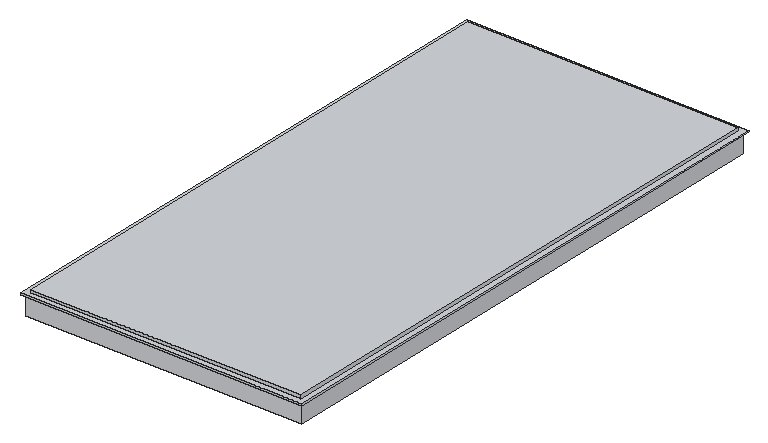
Revit family "S-1", category Air Terminals, host Face, Revit 2025
Family settings
  Host = Face
  Round Connector Dimension = Use Diameter
  Part Type = Normal
  Cut with Voids When Loaded = No
  Maintain Annotation Orientation = No
  Shared = No
  Room Calculation Point = No
Parameters (values of type "PDR")
  URL = "https://www.titus-hvac.com/products/Diffusers/PDR"
  Model = "PDR"
  Manufacturer = "TITUS"
  C = 1/8"
  Width - 1/2" = Width - 1/2"  # 23 1/2"
  Width = 24"
  Length - 1/2" = Length - 1/2"  # 47 1/2"
  Length = 48"
  D [instance] = 12"
  Default Elevation = 48"
  D - 1/8 [instance] = (D / 2) - 1/8"  # 5 7/8"
Reference planes (in)
  plane 1 "Center (Front/Back)": y = 0
  plane 2: z = 0
  plane 3 "Center (Left/Right)": x = 0
  plane 4: x = -12
  plane 5: x = 12
  plane 6: y = 24
  plane 7: y = -24
  plane 8: y = 23.93648
  plane 9: z = 0.375
Forms (in)
  Sweep 1, solid, detail levels medium+fine
    path origin (0, 0, 0) x (1, 0, 0) y (0, 1, 0)
      loop
        line (-12, 24) -> (-12, -24) -> (12, -24) -> (12, 24) -> (-12, 24)
    profile origin (0, 24, 0) x (0, 1, 0) y (0, 0, 1)
      loop
        line (-0.40692, 0.125) -> (-0.40692, 0) -> (-0.125, 0) -> (-0.125, -1.65366) -> (0, -1.65366) -> (0, 0) -> (0.27989, 0) -> (0.27989, 0.125) -> (-0.40692, 0.125)
      loop
        line (-0.17143, -0.06633) -> (-0.73497, -0.06633) -> (-0.73497, -0.71546) -> (-1.61996, -0.71546) -> (-1.61996, -0.84046) -> (-0.60997, -0.84046) -> (-0.60997, -0.19133) -> (-0.17143, -0.19133) -> (-0.17143, -0.06633)
  Extrusion 2, solid, detail levels medium+fine
    sketch origin (0, 0, 0) x (1, 0, 0) y (0, 1, 0)
      loop
        line (-11.75, 23.75) -> (-11.75, -23.75) -> (11.75, -23.75) -> (11.75, 23.75) -> (-11.75, 23.75)
    from -0.59927 to 0.375
Cuts and joins
  joined: Sweep 1, Extrusion 2
Lines and regions (in)
  symbolic lines
    curve 1: line (-12, 24, 0) -> (12, 24, 0)
    curve 2: line (-12, -24, 0) -> (-12, 24, 0)
    curve 3: line (12, -24, 0) -> (-12, -24, 0)
    curve 4: line (12, 24, 0) -> (12, -24, 0)
    curve 5: line (-12, 24, 0) -> (12, -24, 0)
    curve 6: line (-12, -24, 0) -> (12, 24, 0)
Dimensions and locks (in)
  equal spacing: Sweep 1 sketch curve, plane 1 "Center (Front/Back)", Sweep 1 sketch curve
  equal spacing: Sweep 1 sketch curve, plane 3 "Center (Left/Right)", Sweep 1 sketch curve
  "Width": Sweep 1 sketch curve to Sweep 1 sketch curve
  "Length": Sweep 1 sketch curve to Sweep 1 sketch curve
  equal spacing: plane 7, plane 1 "Center (Front/Back)", plane 6
  equal spacing: plane 4, plane 3 "Center (Left/Right)", plane 5
  "Width": plane 4 to plane 5
  "Length": plane 6 to plane 7
  "C": Sweep 1 sketch curve to profile plane
  "C": Sweep 1 sketch curve to plane 2
  equal spacing: Sweep 1 sketch curve, plane 8, Sweep 1 sketch curve
  plane 9 to plane 2 = 3/8"  (x2)
  equal spacing: Extrusion 2 sketch curve, plane 1 "Center (Front/Back)", Extrusion 2 sketch curve
  equal spacing: Extrusion 2 sketch curve, plane 3 "Center (Left/Right)", Extrusion 2 sketch curve
  "Width - 1/2"": Extrusion 2 sketch curve to Extrusion 2 sketch curve
  "Length - 1/2"": Extrusion 2 sketch curve to Extrusion 2 sketch curve
  "C": Sweep 1 sketch curve to Sweep 1 sketch curve  (x2)
  equal spacing: curve 1, plane 1 "Center (Front/Back)", curve 3
  equal spacing: curve 2, plane 3 "Center (Left/Right)", curve 4
  "Width": curve 2 to curve 4
  "Length": curve 3 to curve 1
  aligned and locked: plane 2 to host face
  aligned and locked: level to host face
  aligned and locked: plane 9 to Extrusion 2
Automatic sketch dimensions
  host sketch curve to host sketch curve = 96"  (x2)
  Sweep 1 sketch curve to level = 0"  (x2)
  Sweep 1 sketch curve to profile plane = 0"
  Sweep 1 sketch curve to Sweep 1 sketch curve = 0.04643"
  Sweep 1 sketch curve to Sweep 1 sketch curve = 0.23548"
  Sweep 1 sketch curve to plane 8 = 0.54645"
  Sweep 1 sketch curve to Sweep 1 sketch curve = 0.885"
  Sweep 1 sketch curve to level = 0.06633"
  Sweep 1 sketch curve to level = 0.71546"
  Sweep 1 sketch curve to Sweep 1 sketch curve = 1/8"
  Sweep 1 sketch curve to Sweep 1 sketch curve = 0.8132"
Connectors (in)
  hvac at (0, 0, -1.65366), driven by "Length", driven by "Width"
    settings: on cut or joined group of Sweep 1, Extrusion 2, index 1, duct flow 0 CFM, flow factor 0, pres drop 0.00 in-wg, loss coef 0, conn angle 0.00°, conn width 24", conn height 48", conn diameter 24", duct sys type 1, conn prof type 1, flow config 0, flow direction 0, loss method 0, conn ref index -1, conn util no, is conn primary yes, conn desc ""
